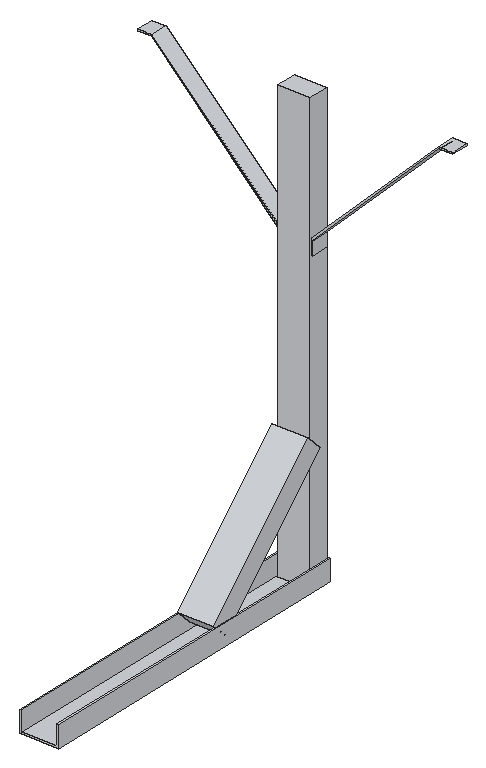
Revit family "Rail_Guardrail-Base_FIXFAST_GW32-KATTSAFE", category Generic Models, Revit 2026
Family settings
  Can host rebar = No
  Round Connector Dimension = Use Diameter
  Part Type = Normal
  Classification Number = 23.30.80.11
  Work Plane-Based = Yes
  Always vertical = No
  Cut with Voids When Loaded = No
  Maintain Annotation Orientation = No
  Shared = No
  Room Calculation Point = No
Parameters (values of type "as Specified")
  Warranty Duration (Years) = 0
  Unit Width = 0' - 2 3/4"
  Unit Height [instance] = 2' - 8"
  Unit Depth [instance] = 2' - 0"
  URL = "http://www.fixfastusa.com/"
  Standards Conformance = "OSHA 29 CFR 1910.29"
  Specification = "http://www.arcat.com/sdspecs/htm04/05_52_00fix.htm"
  SpecWizard = ""
  Side B Brace Visible [instance] = yes
  Side A Brace Visible [instance] = yes
  Send Message = ""
  Sales Information = "http://www.fixfastusa.com/contact-us/"
  Revision = "R1_2017-06"
  Product Properties = ""
  Product Data = "http://www.arcat.com/arcatcos/cos48/arc48709.html"
  Model = "GW32 Base"
  Manufacturer Website = "http://www.fixfastusa.com/"
  Manufacturer Phone - Toll Free = ""
  Manufacturer Phone = "317-769-7710"
  Manufacturer Fax = "317-769-5560"
  Manufacturer Address = "6210 S. Indianapolis Rd.  Whitestown, IN 46075"
  Manufacturer = "FIXFAST USA"
  Maintenance Schedule (Months) = 0
  Keynote = "05 52 00"
  Installation-Fabrication = ""
  Installation Phase = ""
  Green Building-LEED = "http://www.arcat.com/green/clients/leed_data_48709.html"
  Frame Finish [instance] = none
  Expected Lifespan (Years) = 0
  Drawn By = "Sumex Design, Inc. / Robert S. Weygant, CSI, CDT, SCIP"
  Description = "FIXFAST KATTSAFE GW32 Guardrail System"
  Default Elevation = 0' - 0"
  Copyright = "©Arcat Inc."
  Construction Details = "http://www.arcat.com/details/fixfast/fixfast.html?coid=48709"
  Capacity = "as Specified"
  Assembly Code = "E1090900"
Reference planes (in)
  plane 1 "Center (Front/Back)": y = 0
  plane 2 "Bottom": z = 0
  plane 3 "Center (Left/Right)": x = 0
  plane 4 "Top": z = 32
  plane 5: z = 31.25
  plane 6: y = -23.25
  plane 7: y = 0.75
Forms (in)
  Extrusion 1, solid, material <- "Frame Finish"
    sketch origin (0, 0, 0) x (1, 0, 0) y (0, 1, 0)
      loop
        line (-1.125, 0.75) -> (-1.125, -0.75) -> (1.125, -0.75) -> (1.125, 0.75) -> (-1.125, 0.75)
    from 0.125 to 31.25
  Extrusion 2, solid, material <- "Frame Finish", visible <- "Side B Brace Visible"
    sketch origin (0, 0, 0) x (1, 0, 0) y (0, 0, 1)
      loop
        line (1.125, 22.25) -> (1.125, 21.25) -> (1.25, 21.25) -> (1.25, 22.19822) -> (10.17678, 31.125) -> (11.125, 31.125) -> (11.125, 31.25) -> (10.125, 31.25) -> (1.125, 22.25)
    from 0.625 to -0.625
  Extrusion 3, solid, material <- "Frame Finish", visible <- "Side A Brace Visible"
    sketch origin (0, 0, 0) x (-1, 0, 0) y (0, 0, -1)
      loop
        line (1.125, -22.25) -> (10.125, -31.25) -> (11.125, -31.25) -> (11.125, -31.125) -> (10.17678, -31.125) -> (1.25, -22.19822) -> (1.25, -21.25) -> (1.125, -21.25) -> (1.125, -22.25)
    from 0.625 to -0.625
  Extrusion 4, solid, material <- "Frame Finish"
    sketch origin (0, 0, 0) x (1, 0, 0) y (0, 0, 1)
      loop
        line (-1.375, 0) -> (1.375, 0) -> (1.375, 1.5) -> (1.25, 1.5) -> (1.25, 0.125) -> (-1.25, 0.125) -> (-1.25, 1.5) -> (-1.375, 1.5) -> (-1.375, 0)
    from -0.75 to 23.25
  Extrusion 5, solid, material <- "Frame Finish"
    sketch origin (0, 0, 0) x (0, 1, 0) y (0, 0, 1)
      loop
        line (-8.3514, 0.5236) -> (-0.04289, 8.83211) -> (-1.10355, 9.89277) -> (-9.41206, 1.58426) -> (-8.3514, 0.5236)
    from -1.25 to 1.25
Dimensions and locks (in)
  locked: plane 4 "Top" to plane 5 at 0.75
  plane 5 to Extrusion 2 sketch curve to Extrusion 2 sketch curve to Extrusion 2 sketch curve to Extrusion 2 sketch curve = 0' - 0 1/8" locked, 0' - 8 7/8" locked, 0' - 0.05178" locked, 0' - 0.94822" locked
  Extrusion 3 sketch curve to Extrusion 3 sketch curve to Extrusion 3 sketch curve to Extrusion 3 sketch curve = 0' - 8 7/8" locked, 0' - 0.05178" locked, 0' - 0.94822" locked
  locked: plane 5 to Extrusion 3 sketch curve at 0.125
  locked: plane 1 "Center (Front/Back)" to plane 7 at 0.75
  "Unit Depth": plane 6 to plane 7
  Extrusion 5 sketch curve to Extrusion 5 sketch curve to Extrusion 5 sketch curve to Extrusion 5 sketch curve to plane 7 = 0' - 1.06066" locked, 0' - 7.24784" locked, 0' - 1.06066" locked, 0' - 0.79289" locked
  "Unit Height": plane 4 "Top" to level
  aligned and locked: plane 5 to Extrusion 1
  aligned and locked: Extrusion 4 to plane 7
  aligned and locked: Extrusion 4 to plane 6
Automatic sketch dimensions
  Extrusion 2 sketch curve to plane 5 = 0' - 0"
  plane 3 "Center (Left/Right)" to Extrusion 2 sketch curve = 0' - 1 1/8"
  Extrusion 2 sketch curve to Extrusion 2 sketch curve = 0' - 0 1/8"
  plane 3 "Center (Left/Right)" to Extrusion 2 sketch curve = 0' - 10 1/8"
  Extrusion 2 sketch curve to Extrusion 2 sketch curve = 0' - 0.05178"
  Extrusion 2 sketch curve to Extrusion 2 sketch curve = 0' - 0.94822"
  Extrusion 3 sketch curve to plane 5 = 0' - 0"
  plane 3 "Center (Left/Right)" to Extrusion 3 sketch curve = 0' - 1 1/8"
  Extrusion 3 sketch curve to Extrusion 3 sketch curve = 0' - 0 1/8"
  plane 3 "Center (Left/Right)" to Extrusion 3 sketch curve = 0' - 10 1/8"
  Extrusion 3 sketch curve to Extrusion 3 sketch curve = 0' - 0.05178"
  Extrusion 3 sketch curve to Extrusion 3 sketch curve = 0' - 0.94822"
  Extrusion 4 sketch curve to level = 0' - 0"
  Extrusion 4 sketch curve to plane 3 "Center (Left/Right)" = 0' - 1 3/8"
  Extrusion 4 sketch curve to Extrusion 4 sketch curve = 0' - 0 1/8"  (x2)
  level to Extrusion 4 sketch curve = 0' - 0 1/8"
  plane 3 "Center (Left/Right)" to Extrusion 4 sketch curve = 0' - 1 1/4"
  Extrusion 4 sketch curve to Extrusion 4 sketch curve = 0' - 1 3/8"  (x2)
  plane 7 to Extrusion 1 sketch curve = 0' - 0"
  Extrusion 1 sketch curve to plane 3 "Center (Left/Right)" = 0' - 1 1/8"
  plane 3 "Center (Left/Right)" to Extrusion 1 sketch curve = 0' - 1 1/8"
  plane 1 "Center (Front/Back)" to Extrusion 1 sketch curve = 0' - 0 3/4"
  level to Extrusion 5 sketch curve = 0' - 1.58426"
  level to Extrusion 5 sketch curve = 0' - 0.5236"
